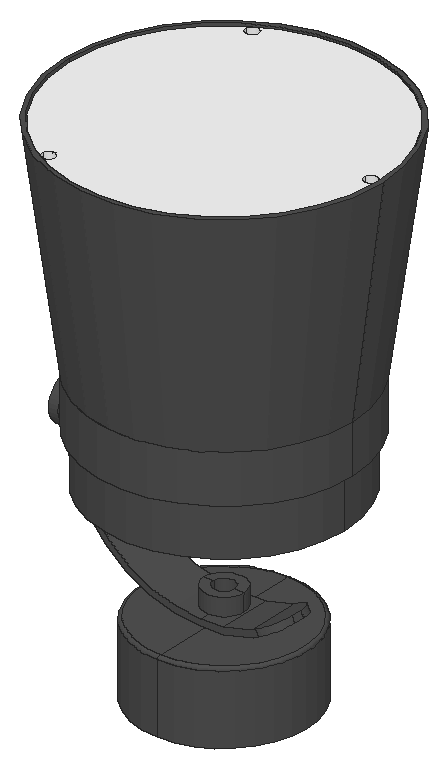
Revit family "Lighting_Other_Zero_Ginza_Single_Spotlight", category Lighting Fixtures, host Face, Revit 2020
Family settings
  Host = Face
  Round Connector Dimension = Use Diameter
  Part Type = Normal
  OmniClass Number = 23.80.70.00
  OmniClass Title = Lighting
  Cut with Voids When Loaded = No
  Light Source = Yes
  Shared = No
  Room Calculation Point = No
Parameters (values of type "Ginza single LED 620LM/10W black")
  Youtube clip = ""
  Weight Net (Kg) = "1.2"
  Wattage = 4.1739 W
  WarrantyStartDate [instance] = "n/a"
  WarrantyGuarantorParts = "n/a"
  WarrantyGuarantorLabor = "n/a"
  WarrantyDurationUnit = "Hours"
  WarrantyDurationParts = "n/a"
  WarrantyDurationLabor = "n/a"
  WarrantyDescription = "n/a"
  built-in parameter 1150110 = 1 (stored number, unit not read)
  VersionDate = "31/08/2023"  # constant formula
  Version = "3"  # constant formula
  UsageCurrent = 0 A
  Uniformat II Description = ""
  Uniformat II Code = ""
  Uniclass2015Reference = "Pr_70_70_48_46"
  Uniclass2015Description = "Light-emitting diode (LED) luminaires"
  Uniclass2 = "Pr_70_70_49_43"
  Uniclass 2015 Name = ""
  Uniclass 2015 Code = ""
  Uniclass 2.0 Description = ""
  Uniclass 2.0 Code = ""
  Uniclass 1.4 Description = ""
  Uniclass 1.4 Code = ""
  URL = "https://www.zerolighting.com/ginzasingle-inomta"
  UNSPSC Code = ""
  TotalWattage = 10 W
  built-in parameter 1114217 = 1 (stored number, unit not read)
  Tilt Angle = 90.00°
  built-in parameter 1150109 = 1 (stored number, unit not read)
  built-in parameter 1150134 = (empty or 0)
  Technical description = ""
  TagNumber [instance] = "n/a"
  SustainabilityPerformance = "n/a"
  built-in parameter 1150113 = 1 (stored number, unit not read)
  Size = "150x150x243 mm"
  Shape = "Sculptured"
  SerialNumber [instance] = "n/a"
  Region South America = "None"
  Region Oceania = "AU, NZ"
  Region North America = "BZ, CR, GT, HN, MX, NI, PA, SV, US"
  Region Middle East = "AE"
  Region Europe = "AD, AL, AT, AX, BA, BE, BG, BY, CH, CY, CZ, DE, DK, EE, ES, FI, FO, FR, GB, GG, GI, GR, HR, HU, IE, IM, IS, IT, JE, LI, LT, LU, LV, MC, MD, ME, MK, MT, NL, NO, PL, PT, RO, RS, RU, SE, SI, SJ, SK, SM, UA, VA"
  Region Asia = "HK, JP, SG"
  Region Antarctica = "None"
  Region Africa = "None"
  Product group = "Spotlight"
  Product family = "Ginza"
  Product certification = ""
  Product SKU = "Ginza_Single_spotlight"
  Product Guid = "f2e002c1-58ac-4a94-927b-b8bbaf47aa08"
  OmniClass Description = ""
  OmniClass Code = ""
  Nominal width = 150 mm
  Nominal height = 243 mm
  NBS Reference Description = ""
  NBS Reference Code = ""
  Material secondary = "Steel"
  Material main = "Aluminium"
  Masterformat 2014 Description = ""
  Masterformat 2014 Code = ""
  Manufacturer name = ""
  Manufacturer country = "Sweden"
  Installation instructions = ""
  IFC Classification = ""
  GTIN code = ""
  Edition number = 1
  Design country = "Sweden"
  Date of publishing = ""
  ColorTolerance = "3"
  Revision = "5"  # constant formula
  ReplacementCost = "n/a"
  ProductInformation = "n/a"
  ProductDatasheet = "https://www.zerolighting.com/s/Ginza-single.pdf"
  Photometric Web File = "Ginza-spotlight.IES"
  PhaseReference = "n/a"
  PhaseAngle = 0.00°
  NumberOfSources = 0
  NumberOfPoles = 1
  NominalVoltageCalc = 230 V
  NominalVoltage = 230 V
  NominalRadius = 0 mm
  NominalFrequencyRange = 50 Hz
  NominalDiameter = 0 mm
  NominalDepth = 150 mm
  NominalCurrent = 0 A
  Name = "Zero_Ginza_Single_Spotlight"  # constant formula
  NBSReference = "90-60-50/405"
  NBSDescription = "General purpose luminaires"
  ModelReference = "8433-1-06-30"
  ModelNumber = "n/a"
  Model = "Ginza single LED 620LM/10W black"
  Material = "Metal, aluminium & microprisma."
  ManufacturersSpecificInformation = "n/a"
  ManufacturerURL = "https://www.zerolighting.com/"
  ManufacturerName = "ZERO"
  Manufacturer = "Zero"
  MaintenanceFactor = 0
  built-in parameter 1150105 = 358.43 (stored number, unit not read)
  Lumens = 620 lm
  built-in parameter 1150115 = 1 (stored number, unit not read)
  LightSource = "LED 620LM/10W"
  LightFixturePlacingType = "In ceiling, on wall."
  LightFixtureMountingType = "Surface"
  LightFixtureMainMaterial = Black metal
  built-in parameter 1150137 = (empty or 0)
  built-in parameter 1150139 = (empty or 0)
  LensMaterial = Microprisma
  built-in parameter 1150112 = 1 (stored number, unit not read)
  built-in parameter 1150114 = 1 (stored number, unit not read)
  InsulationStandardClass = "n/a"
  InstallationDate [instance] = "n/a"
  built-in parameter 1150132 = 2
  built-in parameter 1150102 = (empty or 0)
  built-in parameter 1150107 = 3000 (stored number, unit not read)
  built-in parameter 1150138 = (empty or 0)
  built-in parameter 1150106 = 3.5843 (stored number, unit not read)
  IfcExportType = "NOTDEFINED"  # constant formula
  IfcExportAs = "IfcLightFixtureType"  # constant formula
  IP_Code = "IP20"
  HasProtectiveEarth = yes
  Grade = "n/a"
  Finish = "Painted metal and aluminum. White RAL 9010, black RAL 9005, orange RAL 4030S. Diffuser in microprisma. Other colours on request."
  Features = "Terminal block 3x2,5mm². Adjustable spotlight."
  ExpectedLife = "n/a"
  Emit from Circle Diameter = 146 mm
  Emit Shape Visible in Rendering = no
  ElectricalDeviceNominalPower = 0
  built-in parameter 1150104 = 13.8 (stored number, unit not read)
  DurationUnit = "Hours"
  DimmingType = "n/a"
  Dimming Lamp Color Temperature Shift = <None>
  Designer = "Thomas Bernstrand"
  Description = ""
  Default Elevation = 0 mm
  Constituents = "n/a"
  Color Filter = 16777215
  Color = "Black"
  Collection = "Ginza"
  CodePerformance = "n/a"
  Category = "Indoor lighting"
  ColorRenderingIndex = ">80"
  COBIe Type Category = ""
  Brand url = "http://www.zero.se"
  Brand = "Zero"
  Barcode [instance] = "n/a"
  built-in parameter 1114218 = 1 (stored number, unit not read)
  BIMObjectName = "Lighting_Other_Zero_Ginza_Single_Spotlight"  # constant formula
  Author = "BIMstone"  # constant formula
  built-in parameter 1150133 = 10 (stored number, unit not read)
  AssetType = "Fixed"
  AssetIdentifier [instance] = "n/a"
  ArticleNumber = "8433-1-06-30"
  AccessibilityPerformance = "n/a"
Types (6, lengths in mm): name | ColorTolerance | ModelReference | Model | LightFixturePlacingType | LightFixtureMainMaterial | Features | DimmingType | Color | ArticleNumber
  Ginza single LED 620LM/10W white | "SDCM 3" | "8433-1-01D30" | "Ginza single LED 620LM/10W white" | "Wall or ceiling." | White metal | "Terminal block 3x2,5mm². Adjustable spotlight." | "n/a" | "White" | "8433-1-01-30"
  Ginza single LED 620LM/10W white dimmable | "3" | "8433-1-01-30" | "Ginza single LED 620LM/10W white dimmable" | "In ceiling, on wall." | White metal | "Terminal block 5*4mm². Adjustable spotlight. Dimmable DALI or SwitchDim." | "Dimmable DALI or SwitchDim." | "White" | "8433-1-01D30"
  Ginza single LED 620LM/10W black | "3" | "8433-1-06-30" | "Ginza single LED 620LM/10W black" | "In ceiling, on wall." | Black metal | "Terminal block 3x2,5mm². Adjustable spotlight." | "n/a" | "Black" | "8433-1-06-30"
  Ginza single LED 620LM/10W black dimmable | "3" | "8433-1-06D30" | "Ginza single LED 620LM/10W black dimmable" | "In ceiling, on wall." | Black metal | "Terminal block 5*4mm². Adjustable spotlight. Dimmable DALI or SwitchDim." | "Dimmable DALI or SwitchDim." | "Black" | "8433-1-06D30"
  Ginza single LED 620LM/10W orange | "3" | "8433-1-41-30" | "Ginza single LED 620LM/10W orange" | "In ceiling, on wall." | Orange metal | "Terminal block 3x2,5mm². Adjustable spotlight." | "n/a" | "Orange" | "8433-1-41-30"
  Ginza single LED 620LM/10W orange dimmable | "3" | "8433-1-41D30" | "Ginza single LED 620LM/10W orange dimmable" | "In ceiling, on wall." | Orange metal | "Terminal block 5*4mm². Adjustable spotlight. Dimmable DALI or SwitchDim." | "Dimmable DALI or SwitchDim." | "Orange" | "8433-1-41D30"
Reference planes
  plane 1 "Center (Front/Back)": y = 0
  plane 2: z = 0
  plane 3 "Center (Left/Right)": x = 0
  plane 4: y = 150
  plane 5: x = -75
  plane 6: x = 75
  plane 7: z = 243
Forms (mm)
  Blend 1, solid, material "Black metal" <- "LightFixtureMainMaterial", detail levels medium+fine
    base sketch origin (0, -0.439, 0) x (1, 0, 0) y (0, 1, 0)
      loop
        circle (0, 75.439) r 75
    top sketch origin (0, -0.439, 0) x (1, 0, 0) y (0, 1, 0)
      loop
        circle (0, 75.439) r 60.5
    from 243 to 136.951
  Extrusion 2, solid, material "Black metal" <- "LightFixtureMainMaterial", detail levels medium+fine
    sketch origin (0, -0.439, 0) x (1, 0, 0) y (0, 1, 0)
      loop
        circle (0, 75.439) r 60.5
    from 114.113 to 136.951
  Extrusion 3, solid, material "Black metal" <- "LightFixtureMainMaterial", detail levels medium+fine
    sketch origin (0, -0.439, 0) x (1, 0, 0) y (0, 1, 0)
      loop
        circle (0, 75.439) r 57
    from 90.016 to 114.113
  Revolve 4, solid, material "Black metal" <- "LightFixtureMainMaterial", detail levels medium+fine
    sketch origin (0, -0.439, 0) x (0, 1, 0) y (0, 0, 1)
      loop
        line (75.436, 0) -> (114.406, 0) -> (114.406, 32.5)
        arc (114.406, 32.5) -> (113.966, 33.561) -> (112.906, 34) r 1.5
        line (112.906, 34) -> (75.438, 34) -> (75.436, 0)
      axis (75.436, 0) -> (75.436, 34)
    angle from 0 to 360
  Sweep 5, solid, material "Black metal" <- "LightFixtureMainMaterial", detail levels medium+fine
    path origin (0, -0.439, 0) x (1, 0, 0) y (0, 0, 1)
      loop
        line (-63.032, 111.674) -> (-63.035, 98.584)
        arc (-63.035, 98.584) -> (-44.82, 54.651) -> (-0.855, 36.515) r 62.055
        line (-0.855, 36.515) -> (9.58, 36.536) -> (23.476, 40.16) -> (34.703, 45.805)
    profile origin (-63.033, -0.439, 105.129) x (1, 0, -0.000233) y (0, -1, 0)
      loop
        line (-1.492, -87.965) -> (1.498, -87.965) -> (1.498, -62.964) -> (-1.492, -62.964) -> (-1.492, -87.965)
  Sweep 6, void
    path in 3D
      loop
        line (-64.523, 62.525, 111.674) -> (-61.534, 62.525, 111.673)
    profile origin (-63.029, 62.525, 111.674) x (0, 1, 0) y (0.000233, 0, 1)
      loop
        line (0, 0) -> (0, -10)
        arc (0, -10) -> (2.929, -2.929) -> (10, 0) r 10
        line (10, 0) -> (0, 0)
  Sweep 7, void
    path in 3D
      loop
        line (-61.534, 87.526, 111.673) -> (-64.523, 87.526, 111.674)
    profile origin (-63.029, 87.526, 111.674) x (0, -1, 0) y (0.000233, 0, 1)
      loop
        line (0, 0) -> (0, -10)
        arc (0, -10) -> (2.929, -2.929) -> (10, 0) r 10
        line (10, 0) -> (0, 0)
  Sweep 8, void
    path in 3D
      loop
        line (34.03, 62.525, 47.143) -> (35.373, 62.525, 44.472)
    profile origin (34.701, 62.525, 45.807) x (0.89343, 0, 0.449202) y (0, -1, 0)
      loop
        line (0, 0) -> (-10, 0)
        arc (-10, 0) -> (-2.929, -2.929) -> (0, -10) r 10
        line (0, -10) -> (0, 0)
  Sweep 9, void
    path in 3D
      loop
        line (34.03, 87.526, 47.143) -> (35.373, 87.526, 44.472)
    profile origin (34.701, 87.526, 45.807) x (-0.89343, 0, -0.449202) y (0, 1, 0)
      loop
        line (0, 0) -> (0, -10)
        arc (0, -10) -> (2.929, -2.929) -> (10, 0) r 10
        line (10, 0) -> (0, 0)
  Revolve 10, solid, material "Black metal" <- "LightFixtureMainMaterial", detail levels medium+fine
    sketch origin (-0.468, 75, 0) x (1, 0, 0) y (0, 0, 1)
      loop
        line (-4.532, 47) -> (-9.004, 47) -> (-9.004, 39.002) -> (-4.532, 39.002) -> (-4.532, 47)
      axis (0.468, 39.002) -> (0.468, 47)
    angle from 0 to 360
  Revolve 11, solid, material "Black metal" <- "LightFixtureMainMaterial", detail levels medium+fine
    sketch origin (0.004, 75.03, 0) x (1, 0, 0) y (0, 0, 1)
      loop
        line (-56.329, 100) -> (-61.537, 100) -> (-61.537, 92.519) -> (-56.329, 92.519) -> (-56.329, 100)
      loop
        line (-74.536, 100) -> (-74.536, 90) -> (-70.032, 90) -> (-70.032, 96.5) -> (-66.531, 96.5) -> (-66.531, 93.518) -> (-64.549, 93.518) -> (-64.549, 100) -> (-74.536, 100)
      axis (-74.536, 100) -> (-56.329, 100)
    angle from 0 to 360
  Blend 12, void
    base sketch origin (0, -0.439, 0) x (1, 0, 0) y (0, 1, 0)
      loop
        circle (0, 75.439) r 73
    top sketch origin (0, -0.439, 0) x (1, 0, 0) y (0, 1, 0)
      loop
        circle (0, 75.439) r 58.5
    from 243 to 137.5
  Extrusion 13, solid, material "Microprisma" <- "LensMaterial", detail levels medium+fine
    sketch origin (0, -0.439, 0) x (1, 0, 0) y (0, 1, 0)
      loop
        circle (0, 75.439) r 73
    from 239 to 242.026
  Extrusion 14, void
    sketch origin (0, -0.439, 0) x (1, 0, 0) y (0, 1, 0)
      loop
        circle (-34.497, 135.196) r 3
      loop
        circle (69, 75.435) r 3
      loop
        circle (-34.503, 15.685) r 3
    from 231.621 to 243
  Extrusion 15, solid, material "Black metal" <- "LightFixtureMainMaterial", detail levels coarse
    sketch origin (0, 0, 0) x (1, 0, 0) y (0, 1, 0)
      loop
        line (-75, 150) -> (-75, 0) -> (75, 0) -> (75, 150) -> (-75, 150)
    from 0 to 243
  Extrusion 16, void
    sketch origin (0, 0, 0) x (1, 0, 0) y (0, 1, 0)
      loop
        circle (0, 74.997) r 37
    from 0 to 29.704
  Extrusion 17, void
    sketch origin (0, 0, 0) x (1, 0, 0) y (0, 1, 0)
      loop
        circle (0, 74.997) r 5
    from 0 to 250
Cuts and joins
  Blend 12 cuts Blend 1
  Extrusion 16, Extrusion 17 cuts Revolve 4
  Sweep 6, Sweep 7, Sweep 8, Sweep 9, Extrusion 17 cuts Sweep 5
  joined: Blend 1, Extrusion 2, Extrusion 3, Revolve 4, Sweep 5, Revolve 10
  Extrusion 14 cuts Extrusion 13
Lines and regions (mm)
  sketch lines
    curve 1: line (-64.523, 62.525, 111.674) -> (-61.534, 62.525, 111.673)
    curve 2: line (-61.534, 87.526, 111.673) -> (-64.523, 87.526, 111.674)
    curve 3: line (34.03, 62.525, 47.143) -> (35.373, 62.525, 44.472)
    curve 4: line (34.03, 87.526, 47.143) -> (35.373, 87.526, 44.472)
  symbolic lines, detail levels medium+fine
    curve 5: line (0, 113.967, 0) -> (0, 113.967, 32.5)
    curve 6: line (0, 78.917, 34) -> (0, 112.467, 34)
    curve 7: arc (0, 113.967, 32.5) -> (0, 113.528, 33.561) -> (0, 112.467, 34) r 1.5
    curve 8: line (0, 78.917, 34) -> (0, 78.917, 35.04)
    curve 9: line (0, 78.917, 35.04) -> (0, 87.526, 35.04)
    curve 10: line (0, 87.526, 35.04) -> (0, 87.526, 90.04)
    curve 11: line (0, 87.526, 90.04) -> (0, 132, 90.016)
    curve 12: line (0, 132, 90.016) -> (0, 132, 114.113)
    curve 13: line (0, 132, 114.113) -> (0, 135.5, 114.113)
    curve 14: line (0, 135.5, 114.113) -> (0, 135.5, 136.951)
    curve 15: line (0, 135.5, 136.951) -> (0, 150, 243)
    curve 16: line (0, 150, 243) -> (0, 0, 243)
    curve 17: line (0, 0, 243) -> (0, 14.5, 136.951)
    curve 18: line (0, 36.033, 0) -> (0, 36.033, 32.5)
    curve 19: line (0, 71.083, 34) -> (0, 37.533, 34)
    curve 20: arc (0, 36.033, 32.5) -> (0, 36.472, 33.561) -> (0, 37.533, 34) r 1.5
    curve 21: line (0, 71.083, 34) -> (0, 71.083, 35.04)
    curve 22: line (0, 71.083, 35.04) -> (0, 62.474, 35.04)
    curve 23: line (0, 62.474, 35.04) -> (0, 62.474, 90.04)
    curve 24: line (0, 62.474, 90.04) -> (0, 18, 90.016)
    curve 25: line (0, 18, 90.016) -> (0, 18, 114.113)
    curve 26: line (0, 18, 114.113) -> (0, 14.5, 114.113)
    curve 27: line (0, 14.5, 114.113) -> (0, 14.5, 136.951)
    curve 28: line (0, 0, 243) -> (0, 150, 243)
    curve 40: line (-38.97, 0, 0) -> (-38.97, 0, 32.5)
    curve 41: line (-3.917, 0, 34) -> (-37.47, 0, 34)
    curve 42: arc (-37.47, 0, 34) -> (-38.53, 0, 33.561) -> (-38.97, 0, 32.5) r 1.5
    curve 43: line (-3.917, 0, 34) -> (-3.917, 0, 35.091)
    curve 44: arc (-64.325, 0, 93.518) -> (-45.159, 0, 52.892) -> (-3.917, 0, 35.091) r 63.547
    curve 45: line (-66.527, 0, 93.518) -> (-64.325, 0, 93.518)
    curve 46: line (-66.527, 0, 93.518) -> (-66.527, 0, 96.5)
    curve 47: line (-66.527, 0, 96.5) -> (-70.028, 0, 96.5)
    curve 48: line (-70.028, 0, 96.5) -> (-70.028, 0, 90)
    curve 49: line (-74.532, 0, 90) -> (-70.028, 0, 90)
    curve 50: line (-74.532, 0, 90) -> (-74.532, 0, 110)
    curve 51: line (-74.532, 0, 110) -> (-70.028, 0, 110)
    curve 52: line (-70.028, 0, 110) -> (-70.028, 0, 103.5)
    curve 53: line (-70.028, 0, 103.5) -> (-66.527, 0, 103.5)
    curve 54: line (-66.527, 0, 103.5) -> (-66.527, 0, 106.482)
    curve 55: line (-66.527, 0, 106.482) -> (-64.523, 0, 106.482)
    curve 56: line (-64.523, 0, 111.674) -> (-61.534, 0, 111.674)
    curve 57: line (-64.523, 0, 111.674) -> (-64.523, 0, 106.482)
    curve 58: line (-61.534, 0, 111.674) -> (-61.534, 0, 107.481)
    curve 59: line (-61.534, 0, 107.481) -> (-57, 0, 107.481)
    curve 60: line (-57, 0, 114.113) -> (-57, 0, 107.481)
    curve 61: line (-60.5, 0, 114.113) -> (-57, 0, 114.113)
    curve 62: line (-60.5, 0, 114.113) -> (-60.5, 0, 136.951)
    curve 63: line (-60.5, 0, 136.951) -> (-75, 0, 243)
    curve 64: line (-75, 0, 243) -> (75, 0, 243)
    curve 65: line (75, 0, 243) -> (60.5, 0, 136.951)
    curve 66: line (60.5, 0, 136.951) -> (60.5, 0, 114.113)
    curve 67: line (60.5, 0, 114.113) -> (57, 0, 114.113)
    curve 68: line (57, 0, 114.113) -> (57, 0, 90.016)
    curve 69: line (57, 0, 90.016) -> (-57, 0, 90.016)
    curve 70: line (-61.235, 0, 92.527) -> (-57, 0, 92.527)
    curve 71: line (-57, 0, 90.016) -> (-57, 0, 92.527)
    curve 72: arc (-61.235, 0, 92.527) -> (-42.685, 0, 54.662) -> (-3.917, 0, 38.083) r 60.557
    curve 73: line (-9.472, 0, 47) -> (9.472, 0, 47)
    curve 74: line (-9.472, 0, 39.002) -> (-3.917, 0, 39.002)
    curve 75: line (-9.472, 0, 39.002) -> (-9.472, 0, 47)
    curve 76: line (-3.917, 0, 39.002) -> (-3.917, 0, 38.083)
    curve 77: line (9.472, 0, 47) -> (9.472, 0, 39.002)
    curve 78: line (9.472, 0, 39.002) -> (3.917, 0, 39.002)
    curve 79: line (3.917, 0, 39.002) -> (3.917, 0, 38.022)
    curve 80: line (9.386, 0, 38.033) -> (3.917, 0, 38.022)
    curve 81: line (22.945, 0, 41.569) -> (9.386, 0, 38.033)
    curve 82: line (34.03, 0, 47.143) -> (22.945, 0, 41.569)
    curve 83: line (24.006, 0, 38.756) -> (35.373, 0, 44.472)
    curve 84: line (9.773, 0, 35.044) -> (24.006, 0, 38.756)
    curve 85: line (3.917, 0, 35.032) -> (9.773, 0, 35.044)
    curve 86: line (3.917, 0, 35.032) -> (3.917, 0, 34)
    curve 87: line (34.03, 0, 47.143) -> (35.373, 0, 44.472)
    curve 88: line (38.97, 0, 0) -> (38.97, 0, 32.5)
    curve 89: line (3.917, 0, 34) -> (37.47, 0, 34)
    curve 90: arc (37.47, 0, 34) -> (38.53, 0, 33.561) -> (38.97, 0, 32.5) r 1.5
    curve 91: line (-38.97, 0, 0) -> (38.97, 0, 0)
    curve 92: line (0, 113.967, 0) -> (0, 36.033, 0)
    curve 106: arc (75, 75, 0) -> (0, 150, 0) -> (-75, 75, 0) r 75
    curve 107: arc (-75, 75, 0) -> (0, 0, 0) -> (75, 75, 0) r 75
  symbolic lines, detail levels fine
    curve 29: line (0, 78.917, 34) -> (0, 71.083, 34)
    curve 30: line (0, 78.917, 35.04) -> (0, 71.083, 35.04)
    curve 31: line (0, 87.526, 90.04) -> (0, 87.526, 101.673)
    curve 32: arc (0, 77.526, 111.673) -> (0, 84.597, 108.744) -> (0, 87.526, 101.673) r 10
    curve 33: line (0, 77.526, 111.674) -> (0, 72.525, 111.674)
    curve 34: arc (0, 72.525, 111.674) -> (0, 65.454, 108.745) -> (0, 62.525, 101.673) r 10
    curve 35: line (0, 62.474, 90.04) -> (0, 62.525, 101.673)
    curve 36: arc (0, 75.03, 90) -> (0, 85.03, 100) -> (0, 75.03, 110) r 10
    curve 37: arc (0, 75.03, 110) -> (0, 65.03, 100) -> (0, 75.03, 90) r 10
    curve 38: line (0, 14.5, 114.113) -> (0, 135.5, 114.113)
    curve 39: line (0, 135.5, 136.951) -> (0, 14.5, 136.951)
    curve 93: line (-3.917, 0, 39.002) -> (3.917, 0, 39.002)
    curve 94: line (3.917, 0, 38.022) -> (-3.917, 0, 38.083)
    curve 95: line (-3.917, 0, 35.091) -> (3.917, 0, 35.032)
    curve 96: line (-3.917, 0, 34) -> (3.917, 0, 34)
    curve 97: line (-70.028, 0, 96.5) -> (-70.028, 0, 103.5)
    curve 98: line (-66.527, 0, 96.5) -> (-66.527, 0, 103.5)
    curve 99: arc (-64.325, 0, 93.518) -> (-64.477, 0, 96.049) -> (-64.527, 0, 98.584) r 63.547
    curve 100: line (-64.527, 0, 98.584) -> (-64.523, 0, 106.482)
    curve 101: line (-61.534, 0, 107.481) -> (-61.537, 0, 98.584)
    curve 102: arc (-61.537, 0, 98.584) -> (-61.462, 0, 95.551) -> (-61.235, 0, 92.527) r 60.425
    curve 103: line (-57, 0, 107.481) -> (-57, 0, 92.527)
    curve 104: line (-57, 0, 114.113) -> (57, 0, 114.113)
    curve 105: line (-60.5, 0, 136.951) -> (60.5, 0, 136.951)
    curve 108: arc (-73, 75, 0) -> (0, 2, 0) -> (73, 75, 0) r 73
    curve 109: arc (73, 75, 0) -> (0, 148, 0) -> (-73, 75, 0) r 73
    curve 110: arc (-31.497, 134.758, 0) -> (-34.497, 131.758, 0) -> (-37.497, 134.758, 0) r 3
    curve 111: arc (-37.497, 134.758, 0) -> (-34.497, 137.758, 0) -> (-31.497, 134.758, 0) r 3
    curve 112: arc (72, 74.996, 0) -> (69, 71.996, 0) -> (66, 74.996, 0) r 3
    curve 113: arc (66, 74.996, 0) -> (69, 77.996, 0) -> (72, 74.996, 0) r 3
    curve 114: arc (-37.503, 15.246, 0) -> (-34.503, 18.246, 0) -> (-31.503, 15.246, 0) r 3
    curve 115: arc (-31.503, 15.246, 0) -> (-34.503, 12.246, 0) -> (-37.503, 15.246, 0) r 3
Dimensions and locks
  locked: plane 5 to plane 6 at 150
  locked: plane 7 to level at 243
  "NominalDepth": plane 4 to plane 1 "Center (Front/Back)"
  equal spacing: plane 5, plane 3 "Center (Left/Right)", plane 6
  aligned and locked: plane 2 to host face
  aligned and locked: level to host face
Automatic sketch dimensions
  host sketch curve to host sketch curve = 2438.4 mm  (x2)
  Blend 1 sketch curve to plane 3 "Center (Left/Right)" = 0 mm  (x2)
  Blend 1 sketch curve to plane 4 = 75 mm  (x2)
  Extrusion 2 sketch curve to Extrusion 2 sketch curve = 0 mm  (x2)
  Extrusion 2 sketch curve to plane 3 "Center (Left/Right)" = 0 mm
  Extrusion 2 sketch curve to plane 4 = 75 mm
  plane 5 to Extrusion 2 sketch curve = 14.5 mm
  Extrusion 3 sketch curve to plane 3 "Center (Left/Right)" = 0 mm
  Extrusion 3 sketch curve to plane 4 = 75 mm
  Revolve 4 sketch curve to level = 0 mm  (x2)
  Revolve 4 sketch curve to plane 4 = 75.003 mm
  level to Revolve 4 sketch curve = 34 mm
  Revolve 4 sketch curve to Revolve 4 sketch curve = 0.002 mm
  Revolve 4 sketch curve to plane 4 = 37.533 mm
  Revolve 4 sketch curve to Revolve 4 sketch curve = 1.5 mm
  Revolve 4 sketch curve to Revolve 4 sketch curve = 0 mm
  Revolve 4 sketch curve to Revolve 4 sketch curve = 6 mm
  plane 5 to Sweep 5 sketch curve = 11.965 mm
  Sweep 5 sketch curve to plane 3 "Center (Left/Right)" = 0.98 mm
  Sweep 5 sketch curve to plane 3 "Center (Left/Right)" = 0.855 mm
  plane 3 "Center (Left/Right)" to Sweep 5 sketch curve = 9.58 mm
  Sweep 5 sketch curve to Sweep 5 sketch curve = 13.897 mm
  level to Sweep 5 sketch curve = 36.515 mm
  Sweep 5 sketch curve to Sweep 5 sketch curve = 0.021 mm
  Sweep 5 sketch curve to Sweep 5 sketch curve = 3.625 mm
  Sweep 5 sketch curve to Sweep 5 sketch curve = 62.055 mm
  plane 5 to Sweep 5 sketch curve = 11.968 mm
  Sweep 5 sketch curve to Sweep 5 sketch curve = 11.226 mm
  Sweep 5 sketch curve to Sweep 5 sketch curve = 5.644 mm
  Sweep 5 sketch curve to Sweep 5 sketch curve = 13.09 mm
  profile plane to Sweep 5 sketch curve = 1.492 mm
  Sweep 5 sketch curve to profile plane = 1.498 mm
  Sweep 5 sketch curve to plane 1 "Center (Front/Back)" = 87.526 mm
  Sweep 5 sketch curve to Sweep 5 sketch curve = 25.001 mm
  Sweep 6 sketch curve to profile plane = 0 mm  (x2)
  Sweep 6 sketch curve to profile plane = 10 mm
  Sweep 7 sketch curve to profile plane = 0 mm  (x2)
  Sweep 7 sketch curve to Sweep 7 sketch curve = 10 mm
  Sweep 8 sketch curve to profile plane = 0 mm  (x2)
  Sweep 8 sketch curve to Sweep 8 sketch curve = 10 mm
  Sweep 9 sketch curve to profile plane = 0 mm
  profile plane to Sweep 9 sketch curve = 0 mm
  Sweep 9 sketch curve to Sweep 9 sketch curve = 10 mm
  Blend 12 sketch curve to Blend 12 sketch curve = 0 mm  (x4)
  plane 5 to Blend 12 sketch curve = 2 mm
  Blend 12 sketch curve to plane 3 "Center (Left/Right)" = 0 mm  (x2)
  Blend 12 sketch curve to plane 4 = 75 mm  (x2)
  plane 5 to Blend 12 sketch curve = 16.5 mm
  Extrusion 13 sketch curve to Extrusion 13 sketch curve = 0 mm  (x2)
  Extrusion 13 sketch curve to plane 3 "Center (Left/Right)" = 0 mm
  Extrusion 13 sketch curve to plane 4 = 75 mm
  plane 5 to Extrusion 13 sketch curve = 2 mm
  Extrusion 14 sketch curve to plane 1 "Center (Front/Back)" = 15.246 mm
  Extrusion 14 sketch curve to plane 3 "Center (Left/Right)" = 34.503 mm
  Extrusion 14 sketch curve to plane 4 = 15.242 mm
  Extrusion 14 sketch curve to plane 3 "Center (Left/Right)" = 34.497 mm
  Extrusion 14 sketch curve to plane 6 = 6 mm
  Extrusion 14 sketch curve to plane 4 = 75.004 mm
  plane 5 to Revolve 11 sketch curve = 0.468 mm
  Revolve 11 sketch curve to Revolve 11 sketch curve = 4.504 mm
  Revolve 11 sketch curve to Revolve 11 sketch curve = 3.5 mm  (x2)
  Revolve 11 sketch curve to Revolve 11 sketch curve = 1.982 mm
  Revolve 11 sketch curve to Revolve 11 sketch curve = 3.012 mm
  Revolve 11 sketch curve to Revolve 11 sketch curve = 5.208 mm
  level to Revolve 11 sketch curve = 90 mm
  Revolve 11 sketch curve to Revolve 11 sketch curve = 2.519 mm
  Revolve 11 sketch curve to Revolve 11 sketch curve = 0.999 mm
  Revolve 11 sketch curve to Revolve 11 sketch curve = 2.982 mm
  Revolve 11 sketch curve to Revolve 11 sketch curve = 1.039 mm
  Revolve 11 sketch curve to Revolve 11 sketch curve = 2.764 mm
  Revolve 11 sketch curve to Revolve 11 sketch curve = 0 mm  (x2)
  curve 28 to plane 1 "Center (Front/Back)" = 0 mm
  curve 92 to level = 0 mm
  curve 28 to plane 4 = 0 mm
  curve 16 to plane 7 = 0 mm
  curve 38 to plane 1 "Center (Front/Back)" = 14.5 mm
  curve 25 to plane 1 "Center (Front/Back)" = 18 mm
  curve 18 to plane 1 "Center (Front/Back)" = 36.033 mm
  curve 20 to curve 20 = 1.5 mm
  curve 19 to curve 23 = 24.941 mm
  curve 23 to curve 35 = 0.051 mm
  curve 22 to curve 30 = 8.609 mm
  curve 34 to curve 34 = 10 mm
  curve 34 to curve 36 = 2.505 mm
  curve 36 to curve 32 = 2.496 mm
  curve 19 to curve 8 = 7.834 mm
  curve 8 to curve 10 = 8.609 mm
  curve 9 to curve 7 = 24.941 mm
  curve 7 to curve 5 = 1.5 mm
  curve 11 to plane 4 = 18 mm
  curve 12 to curve 14 = 3.5 mm
  level to curve 7 = 32.5 mm
  curve 6 to curve 30 = 1.04 mm
  curve 19 to curve 24 = 56.016 mm
  curve 7 to curve 12 = 56.016 mm
  curve 24 to curve 23 = 0.023 mm
  curve 23 to curve 10 = 0 mm
  curve 10 to curve 36 = 9.96 mm
  curve 10 to curve 31 = 11.634 mm
  curve 23 to curve 35 = 11.634 mm
  curve 36 to curve 34 = 1.674 mm
  curve 24 to curve 38 = 24.097 mm
  curve 26 to curve 27 = 22.838 mm
  curve 33 to curve 32 = 0 mm
  curve 36 to curve 36 = 10 mm
  curve 44 to curve 72 = 0 mm  (x2)
  curve 72 to curve 99 = 0 mm  (x2)
  curve 64 to plane 5 = 0 mm
  curve 40 to level = 0 mm
  curve 64 to plane 6 = 0 mm
  curve 64 to plane 7 = 0 mm
  plane 5 to curve 50 = 0.468 mm
  plane 5 to curve 97 = 4.972 mm
  curve 47 to curve 47 = 3.5 mm
  curve 46 to curve 100 = 2.001 mm
  curve 54 to curve 56 = 2.004 mm
  curve 45 to curve 45 = 2.202 mm
  curve 100 to curve 101 = 2.99 mm
  curve 56 to curve 58 = 2.99 mm
  curve 44 to curve 70 = 3.091 mm
  plane 5 to curve 62 = 14.5 mm
  curve 61 to curve 104 = 3.5 mm
  plane 5 to curve 40 = 36.03 mm
  curve 42 to curve 42 = 1.5 mm
  curve 73 to plane 3 "Center (Left/Right)" = 9.472 mm
  curve 76 to plane 3 "Center (Left/Right)" = 3.917 mm
  curve 76 to curve 43 = 0 mm
  curve 102 to plane 3 "Center (Left/Right)" = 1.112 mm
  curve 102 to curve 44 = 0.132 mm
  plane 3 "Center (Left/Right)" to curve 80 = 3.917 mm
  curve 79 to curve 86 = 0 mm
  curve 79 to curve 80 = 5.469 mm
  curve 80 to curve 77 = 0.086 mm
  curve 80 to curve 85 = 0.386 mm
  curve 77 to curve 82 = 13.473 mm
  curve 81 to curve 84 = 1.06 mm
  curve 81 to curve 82 = 11.085 mm
  curve 82 to curve 87 = 1.343 mm
  curve 83 to curve 89 = 2.097 mm
  curve 90 to curve 88 = 1.5 mm
  curve 67 to plane 6 = 18 mm
  curve 65 to plane 6 = 14.5 mm
  level to curve 42 = 32.5 mm
  curve 86 to curve 85 = 1.032 mm
  curve 85 to curve 85 = 0.012 mm
  curve 41 to curve 95 = 1.091 mm
  curve 85 to curve 80 = 2.99 mm
  curve 84 to curve 80 = 2.989 mm
  curve 44 to curve 94 = 2.993 mm
  curve 89 to curve 83 = 4.756 mm
  curve 79 to curve 78 = 0.98 mm
  curve 83 to curve 81 = 2.813 mm
  curve 77 to curve 73 = 7.998 mm
  curve 42 to curve 49 = 56 mm
  curve 82 to curve 69 = 42.873 mm
  curve 69 to curve 70 = 2.511 mm
  curve 45 to curve 47 = 2.982 mm
  curve 102 to curve 44 = 0.007 mm
  curve 47 to curve 97 = 7 mm
  curve 53 to curve 100 = 2.982 mm
  curve 55 to curve 101 = 0.999 mm
  curve 54 to curve 52 = 3.518 mm
  curve 58 to curve 58 = 4.193 mm
  curve 68 to curve 68 = 24.097 mm
  curve 66 to curve 65 = 22.838 mm
  curve 106 to plane 5 = 0 mm
  curve 106 to plane 3 "Center (Left/Right)" = 0 mm
  curve 106 to curve 108 = 0 mm  (x3)
  curve 107 to curve 109 = 2 mm
  curve 111 to plane 4 = 15.242 mm
  curve 111 to plane 3 "Center (Left/Right)" = 34.497 mm
  curve 111 to curve 110 = 3 mm
  curve 112 to curve 109 = 4 mm
  curve 113 to curve 109 = 0.004 mm
  curve 112 to curve 112 = 3 mm
  curve 115 to plane 1 "Center (Front/Back)" = 15.246 mm
  curve 115 to plane 3 "Center (Left/Right)" = 34.503 mm
  curve 114 to curve 114 = 3 mm
  curve 106 to curve 107 = 0 mm
  curve 106 to curve 109 = 0 mm
  curve 107 to curve 108 = 0 mm
  curve 107 to curve 109 = 0 mm
  curve 108 to curve 109 = 0 mm
  curve 112 to curve 113 = 0 mm
  curve 113 to plane 1 "Center (Front/Back)" = 74.996 mm
  plane 1 "Center (Front/Back)" to Extrusion 15 sketch curve = 0 mm
  Extrusion 15 sketch curve to plane 5 = 0 mm
  Extrusion 15 sketch curve to plane 6 = 0 mm
  Extrusion 15 sketch curve to plane 4 = 0 mm
  Extrusion 16 sketch curve to plane 3 "Center (Left/Right)" = 0 mm
  Extrusion 16 sketch curve to plane 1 "Center (Front/Back)" = 74.997 mm
  Extrusion 17 sketch curve to plane 3 "Center (Left/Right)" = 0 mm
  Extrusion 17 sketch curve to plane 1 "Center (Front/Back)" = 74.997 mm
  Revolve 10 sketch curve to plane 3 "Center (Left/Right)" = 0 mm
  Revolve 10 sketch curve to plane 3 "Center (Left/Right)" = 5 mm
  Revolve 10 sketch curve to Revolve 10 sketch curve = 4.472 mm
  Revolve 10 sketch curve to Revolve 10 sketch curve = 7.998 mm
  Revolve 10 sketch curve to Revolve 10 sketch curve = 0 mm
  level to Revolve 10 sketch curve = 39.002 mm
  Revolve 10 sketch curve to Revolve 10 sketch curve = 1.885 mm
  radius of Blend 1 sketch curve = 75 mm
  radius of Blend 1 sketch curve = 60.5 mm
  radius of Extrusion 3 sketch curve = 57 mm
  radius of Extrusion 14 sketch curve = 3 mm  (x3)
  radius of Extrusion 16 sketch curve = 37 mm
  radius of Extrusion 17 sketch curve = 5 mm
Connectors
  electrical at (0, 74.997, 0), driven by "NominalVoltage"
    settings: on Extrusion 16, index 1, voltage 230 V, apparent load 0 VA, apparent load phase1 0 VA, apparent load phase2 0 VA, apparent load phase3 0 VA, power factor 1, load classification "Other", number of poles 1, system type 31, power factor state 1, is connector primary yes, connector utility no, sub classification motor no, connector description ""
